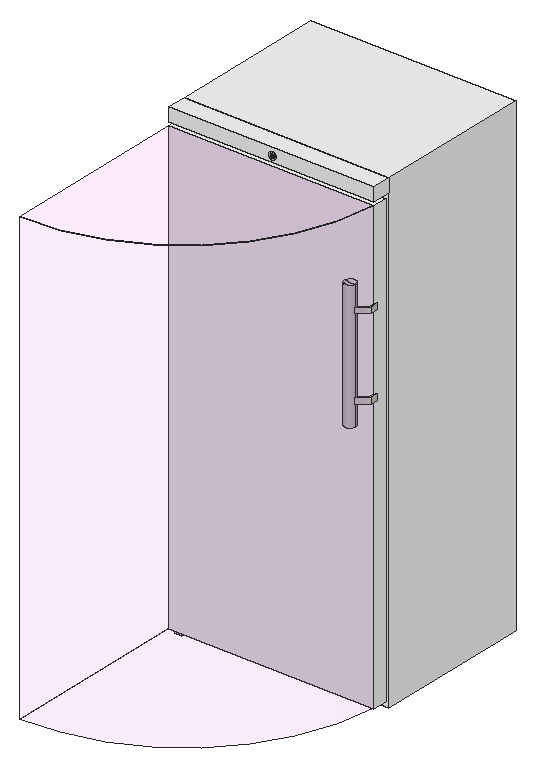
Revit family "QF_Summit_UFM19W_Manual_Defrost_Freezer1", category Specialty Equipment, Revit 2020
Family settings
  Round Connector Dimension = Use Diameter
  Part Type = Normal
  Work Plane-Based = No
  Always vertical = Yes
  Cut with Voids When Loaded = No
  Shared = No
  Room Calculation Point = No
Parameters
  Weight in Pounds = 215
  Watts = Volts * FL Amps  # 310.5 W
  Volts = 115 V
  URL Cutsheet = ""
  Specification by User = ""
  Specification by Manufacturer = ""
  Show RHD [instance] = not(Show LHD)  # no
  Show LHD [instance] = yes
  Show Clearance [instance] = yes
  Serial Number = ""
  Seismic Rating = ""
  SMACNA No = ""
  Revision Code = ""
  Refrigerant Volume = 0.00 kip
  Refrigerant Type = "R290a"
  Phase = 1
  Number of Poles = 1
  NAFEM Spec ID Number = ""
  Model = "UFM19W"
  Min Ckt Ampacity = 0 A
  Max Overcurrent Protection = 0 A
  Masterspec = ""
  Manufacturer = "Summit"
  Length = 30 1/2"
  Item Number = ""
  Installed By = ""
  Identify Quantity as Lot = yes
  Height = 71 3/8"
  HP = ""
  Furnished By = ""
  Foodservice Equipment Identifier = yes
  FL Amps = 2.7 A
  Electrical Remarks = ""
  Electric Connection Type = ""
  Elec Conn RI Height = 0"
  Elec Conn Connection Height = 0"
  Description = "Manual Defrost Freezer"
  Depth = 27"
  Default Elevation = 0"
  Cycle = 60 Hz
  Conn Plug = ""
  Conn Conduit = yes
  CSI MasterFormat = ""
  BTUH = 0.0 Btu/h
  Apparent Power = 0 VA
Reference planes (in)
  plane 1 "BACK": y = 0
  plane 2: z = 0
  plane 3 "LEFT": x = 0
  plane 4 "RIGHT": x = 30.5
  plane 5 "FRONT": y = -27
  plane 6 "TOP": z = 71.375
  plane 7 "Center Y": x = 15.25
  plane 8 "Center X": y = -13.5
Dimensions and locks (in)
  equal spacing: plane 3 "LEFT", plane 7 "Center Y", plane 4 "RIGHT"
  "Length": plane 3 "LEFT" to plane 4 "RIGHT"
  equal spacing: plane 5 "FRONT", plane 8 "Center X", plane 1 "BACK"
  "Depth": plane 5 "FRONT" to plane 1 "BACK"
  "Height": plane 6 "TOP" to level
  aligned and locked: level to plane 2
Nested families (in)
  nested 1: "UFM19W" at (0, 0, 0), Show Clearance <- "Show Clearance", Show LHD <- "Show LHD", type "UFM19W"
    with Show RHD no, Show LHD yes, Show Clearance yes
Connectors (in)
  electrical at (23.95709, -0.59375, 2.74243), driven by "Volts", driven by "Watts"
    settings: on nested 1, index 1, voltage 115 V, apparent load 310.5 VA, apparent load phase1 0 VA, apparent load phase2 0 VA, apparent load phase3 0 VA, power factor 1, load classification "Other", number of poles 1, system type 30, power factor state 1, is connector primary yes, connector utility no, sub classification motor no, connector description "ELECTRICAL CONNECTION"
Definition of nested family "UFM19W"
  Parameters (values of type "UFM19W")
    Weight in Pounds = 0
    URL Cutsheet = ""
    Specification by User = ""
    Specification by Manufacturer = ""
    Show RHD [instance] = not(Show LHD)  # no
    Show LHD [instance] = yes
    Show Clearance [instance] = yes
    Serial Number = ""
    Seismic Rating = ""
    SMACNA No = ""
    Revision Code = ""
    NAFEM Spec ID Number = ""
    Masterspec = ""
    Length = 30 1/2"
    Item Number = ""
    Installed By = ""
    Identify Quantity as Lot = yes
    Height = 71 3/8"
    Furnished By = ""
    Foodservice Equipment Identifier = yes
    Depth = 27"
    Default Elevation = 0"
    CSI MasterFormat = ""
  Reference planes (in)
    plane 1 "BACK": y = 0
    plane 2: z = 0
    plane 3 "LEFT": x = 0
    plane 4 "RIGHT": x = 30.5
    plane 5 "FRONT": y = -27
    plane 6 "TOP": z = 71.375
    plane 7 "Center Y": x = 15.25
    plane 8 "Center X": y = -13.5
    plane 9: y = -29.75
    plane 10: y = -0.625
    plane 11: z = 0.625
    plane 12: z = 1.72493
    plane 13: z = 68.84993
    plane 14: z = 69.375
    plane 15: y = -54.75
    plane 16: z = 2.28034
    plane 17: z = 3.44364
    plane 18: x = 23.95709
  Forms (in)
    Extrusion 1, solid
      sketch origin (-2.47192, -180, 0.625) x (-1, 0, 0) y (0, -1, 0)
        loop
          line (-2.47192, -179.375) -> (-2.47192, -155.875) -> (-32.97192, -155.875) -> (-32.97192, -179.375) -> (-2.47192, -179.375)
      from 0 to 70.75
    Extrusion 2, solid
      sketch origin (-4.18705, -180, 1.72493) x (-1, 0, 0) y (0, -1, 0)
        loop
          line (-4.18705, -155.25) -> (-4.18705, -153) -> (-34.68705, -153) -> (-34.68705, -155.25) -> (-4.18705, -155.25)
      from 0 to 67.125
    Extrusion 3, solid
      sketch origin (-3.39564, -180, 69.375) x (-1, 0, 0) y (0, -1, 0)
        loop
          line (-3.39564, -155.875) -> (-3.39564, -153) -> (-33.89564, -153) -> (-33.89564, -155.875) -> (-3.39564, -155.875)
      from 0 to 2
    Extrusion 4, solid, visible <- "Show RHD"
      sketch origin (-2.70814, -180, 69.375) x (-1, 0, 0) y (0, -1, 0)
        loop
          circle (-32.52112, -154.14731) r 0.25
      from 0 to -0.52507
    Extrusion 5, solid, visible <- "Show RHD"
      sketch origin (-1.62061, -180, 55.70127) x (-1, 0, 0) y (0, -1, 0)
        loop
          line (-1.37061, -153.28039) -> (-1.37061, -152.26208) -> (-3.26747, -150.36522) -> (-3.62102, -150.36522) -> (-1.62061, -152.36564) -> (-1.62061, -153.28039) -> (-1.37061, -153.28039)
      from 0.18106 to -0.65402
    Extrusion 6, solid, visible <- "Show RHD"
      sketch origin (-2.47192, -180, 43.79725) x (-1, 0, 0) y (0, -1, 0)
        loop
          line (-2.22192, -153.28039) -> (-2.22192, -152.26208) -> (-4.11878, -150.36522) -> (-4.47233, -150.36522) -> (-2.47192, -152.36564) -> (-2.47192, -153.28039) -> (-2.22192, -153.28039)
      from 0 to -0.91266
    Revolve 7, solid, visible <- "Show RHD"
      sketch origin (1.14062, -28.95448, 48) x (-1, 0, 0) y (0, 0, 1)
        loop
          line (-0.82813, 10.84993) -> (-1.62366, 10.84993) -> (-1.62366, -8.15007) -> (-0.82813, -8.15007) -> (-0.82813, 10.84993)
        axis (-0.82813, -8.15007) -> (-0.82813, 10.84993)
      angle from 0 to 360
    Extrusion 8, solid, visible <- "Show RHD"
      sketch origin (-2.70814, -180, 1.19986) x (0, 1, 0) y (1, 0, 0)
        loop
          circle (154.14731, 32.52112) r 0.25
      from 0 to -0.52507
    Extrusion 9, solid, visible <- "Show RHD"
      sketch origin (30.5, -24.125, 0.625) x (-1, 0, 0) y (0, 0, -1)
        loop
          line (0.19076, -0.57486) -> (1.27926, -0.57486) -> (1.27926, -0.28006) -> (0.19076, -0.28006) -> (0.19076, -0.57486)
      from 0 to 2.13572
    Extrusion 10, solid
      sketch origin (-1.71981, -180, 2.28034) x (-1, 0, 0) y (0, -1, 0)
        loop
          line (-2.17609, -155.875) -> (-2.17609, -155.25) -> (-31.73658, -155.25) -> (-31.73658, -155.875) -> (-2.17609, -155.875)
      from 0 to 66.00617
    Revolve 11, solid
      sketch origin (0, -20.125, 0) x (1, 0, 0) y (0, 0, 1)
        loop
          line (1.625, 0.625) -> (1.625, 0) -> (2.125, 0) -> (2.125, 0.625) -> (1.625, 0.625)
        axis (1.625, 0) -> (1.625, 0.625)
      angle from 0 to 360
    Revolve 12, solid
      sketch origin (30.5625, -20.125, 0) x (-1, 0, 0) y (0, 0, 1)
        loop
          line (1.625, 0.625) -> (1.625, 0) -> (2.125, 0) -> (2.125, 0.625) -> (1.625, 0.625)
        axis (1.625, 0) -> (1.625, 0.625)
      angle from 0 to 360
    Revolve 13, solid
      sketch origin (0, -4.625, 0) x (1, 0, 0) y (0, 0, 1)
        loop
          line (1.625, 0.625) -> (1.625, 0) -> (2.125, 0) -> (2.125, 0.625) -> (1.625, 0.625)
        axis (1.625, 0) -> (1.625, 0.625)
      angle from 0 to 360
    Revolve 14, solid
      sketch origin (30.5625, -4.625, 0) x (-1, 0, 0) y (0, 0, 1)
        loop
          line (1.625, 0.625) -> (1.625, 0) -> (2.125, 0) -> (2.125, 0.625) -> (1.625, 0.625)
        axis (1.625, 0) -> (1.625, 0.625)
      angle from 0 to 360
    Extrusion 15, solid, visible <- "Show RHD"
      sketch origin (-4.18705, -180, 1.72493) x (0, -1, 0) y (-1, 0, 0)
        loop
          line (-153, -34.68705) -> (-125.25025, -34.68705)
          arc (-125.25025, -34.68705) -> (-133.1901, -14.0372) -> (-153, -4.18705) r 30.5
          line (-153, -4.18705) -> (-153, -34.68705)
      from 0 to -67.125
    Extrusion 16, solid
      sketch origin (-7.62643, -180, 3.44364) x (-1, 0, 0) y (0, -1, 0)
        loop
          line (-8.71066, -179.375) -> (-37.18369, -179.375) -> (-37.18369, -180) -> (-8.71066, -180) -> (-8.71066, -179.375)
      from 0 to 63.7219
    Extrusion 17, solid
      sketch origin (31.86862, -27, 69.375) x (-1, 0, 0) y (0, 0, -1)
        loop
          circle (16.49444, -0.89618) r 0.5
        loop
          circle (16.49444, -0.89618) r 0.25
      from 0 to 0.03125
    Extrusion 18, solid
      sketch origin (31.86862, -27, 69.375) x (-1, 0, 0) y (0, 0, -1)
        loop
          circle (16.49444, -0.89618) r 0.24184
      from 0 to 0.03125
    Extrusion 19, void
      sketch origin (31.86862, -27, 69.375) x (1, 0, 0) y (0, 0, -1)
        loop
          line (-16.52378, -1.05225) -> (-16.46509, -1.05225) -> (-16.46509, -0.74011) -> (-16.52378, -0.74011) -> (-16.52378, -1.05225)
      from 0 to -0.03125
    Extrusion 20, solid
      sketch origin (0, -0.625, 0.625) x (1, 0, 0) y (0, 0, -1)
        loop
          circle (23.95709, -2.11743) r 0.25
      from 0 to 0.03125
    Extrusion 21, solid, visible <- "Show LHD"
      sketch origin (33.20814, -180, 69.375) x (1, 0, 0) y (0, 1, 0)
        loop
          circle (-32.52112, 154.14731) r 0.25
      from 0 to -0.52507
    Extrusion 22, solid, visible <- "Show LHD"
      sketch origin (32.12061, -180, 55.70127) x (1, 0, 0) y (0, 1, 0)
        loop
          line (-1.37061, 153.28039) -> (-1.62061, 153.28039) -> (-1.62061, 152.36564) -> (-3.62102, 150.36522) -> (-3.26747, 150.36522) -> (-1.37061, 152.26208) -> (-1.37061, 153.28039)
      from 0.18106 to -0.65402
    Extrusion 23, solid, visible <- "Show LHD"
      sketch origin (32.97192, -180, 43.79725) x (1, 0, 0) y (0, 1, 0)
        loop
          line (-2.22192, 153.28039) -> (-2.47192, 153.28039) -> (-2.47192, 152.36564) -> (-4.47233, 150.36522) -> (-4.11878, 150.36522) -> (-2.22192, 152.26208) -> (-2.22192, 153.28039)
      from 0 to -0.91266
    Revolve 24, solid, visible <- "Show LHD"
      sketch origin (29.35938, -28.95448, 48) x (1, 0, 0) y (0, 0, -1)
        loop
          line (-0.82813, -10.84993) -> (-0.82813, 8.15007) -> (-1.62366, 8.15007) -> (-1.62366, -10.84993) -> (-0.82813, -10.84993)
        axis (-0.82813, 8.15007) -> (-0.82813, -10.84993)
      angle from 0 to 360
    Extrusion 25, solid, visible <- "Show LHD"
      sketch origin (33.20814, -180, 1.19986) x (0, -1, 0) y (-1, 0, 0)
        loop
          circle (-154.14731, 32.52112) r 0.25
      from 0 to -0.52507
    Extrusion 26, solid, visible <- "Show LHD"
      sketch origin (0, -24.125, 0.625) x (1, 0, 0) y (0, 0, 1)
        loop
          line (0.19076, 0.57486) -> (0.19076, 0.28006) -> (1.27926, 0.28006) -> (1.27926, 0.57486) -> (0.19076, 0.57486)
      from 0 to 2.13572
    Extrusion 27, solid, visible <- "Show LHD"
      sketch origin (34.68705, -180, 1.72493) x (0, 1, 0) y (1, 0, 0)
        loop
          line (153, -34.68705) -> (153, -4.18705)
          arc (153, -4.18705) -> (133.1901, -14.0372) -> (125.25025, -34.68705) r 30.5
          line (125.25025, -34.68705) -> (153, -34.68705)
      from 0 to -67.125
  Cuts and joins
    Extrusion 19 cuts Extrusion 9
    joined: Extrusion 5, Extrusion 6, Revolve 7
    Extrusion 19 cuts Extrusion 17
    Extrusion 19 cuts Extrusion 18
    Extrusion 19 cuts Extrusion 3
    Extrusion 19 cuts Extrusion 1
  Lines and regions (in)
    symbolic lines
      curve 1: line (30.5, -0.625, 0) -> (0, -0.625, 0)
      curve 2: line (0, -0.625, 0) -> (0, -27, 0)
      curve 3: line (30.5, -27, 0) -> (30.5, -0.625, 0)
      curve 11: line (1.08423, 0, 0) -> (1.08423, -0.625, 0)
      curve 12: line (29.55725, 0, 0) -> (1.08423, 0, 0)
      curve 13: line (29.55725, -0.625, 0) -> (29.55725, 0, 0)
      curve 14: line (0, -24.125, 0) -> (30.5, -24.125, 0)
      curve 15: line (0, -27, 0) -> (30.5, -27, 0)
    symbolic lines, visible <- "Show RHD"
      curve 4: line (0, -26.71961, 0) -> (-0.25, -26.71961, 0)
      curve 5: line (0, -27.63436, 0) -> (0, -26.71961, 0)
      curve 6: line (-0.25, -26.71961, 0) -> (-0.25, -27.73792, 0)
      curve 7: line (-0.25, -27.73792, 0) -> (1.21205, -29.19997, 0)
      curve 8: line (1.18482, -28.81918, 0) -> (0, -27.63436, 0)
      curve 9: arc (1.17323, -28.95448, 0) -> (1.96875, -28.15895, 0) -> (2.76427, -28.95448, 0) r 0.79552
      curve 10: arc (2.76427, -28.95448, 0) -> (1.96875, -29.75, 0) -> (1.17323, -28.95448, 0) r 0.79552
      curve 16: line (30.5, -24.75, 0) -> (4.21304, -39.92678, 0)
      curve 17: arc (4.21304, -39.92678, 0) -> (1.37705, -33.70114, 0) -> (0, -27, 0) r 30.5
    symbolic lines, visible <- "Show LHD"
      curve 18: line (30.5, -26.71961, 0) -> (30.75, -26.71961, 0)
      curve 19: line (30.5, -27.63436, 0) -> (30.5, -26.71961, 0)
      curve 20: line (30.75, -26.71961, 0) -> (30.75, -27.73792, 0)
      curve 21: line (30.75, -27.73792, 0) -> (29.28795, -29.19997, 0)
      curve 22: line (29.31518, -28.81918, 0) -> (30.5, -27.63436, 0)
      curve 23: arc (29.32677, -28.95448, 0) -> (28.53125, -28.15895, 0) -> (27.73573, -28.95448, 0) r 0.79552
      curve 24: arc (27.73573, -28.95448, 0) -> (28.53125, -29.75, 0) -> (29.32677, -28.95448, 0) r 0.79552
      curve 25: line (0, -24.75, 0) -> (26.28696, -39.92678, 0)
      curve 26: arc (26.28696, -39.92678, 0) -> (29.12295, -33.70114, 0) -> (30.5, -27, 0) r 30.5
  Dimensions and locks (in)
    equal spacing: plane 3 "LEFT", plane 7 "Center Y", plane 4 "RIGHT"
    "Length": plane 3 "LEFT" to plane 4 "RIGHT"
    equal spacing: plane 5 "FRONT", plane 8 "Center X", plane 1 "BACK"
    "Depth": plane 5 "FRONT" to plane 1 "BACK"
    "Height": plane 6 "TOP" to level
    plane 9 to plane 5 "FRONT" = 2 3/4"
    plane 11 to Extrusion 1 = 0"
    plane 13 to plane 12 = 67 1/8"
    plane 10 to plane 15 = 54 1/8"
    aligned and locked: level to plane 2
  Automatic sketch dimensions
    curve 14 to plane 3 "LEFT" = 0"
    curve 5 to plane 3 "LEFT" = 0"
    curve 11 to plane 10 = 0"
    plane 1 "BACK" to curve 11 = 0"
    curve 16 to plane 4 "RIGHT" = 0"
    plane 5 "FRONT" to curve 26 = 0"
    plane 5 "FRONT" to curve 17 = 0"
    curve 6 to plane 3 "LEFT" = 1/4"
    plane 3 "LEFT" to curve 11 = 1.08423"
    plane 9 to curve 9 = 0.79552"
    plane 3 "LEFT" to curve 9 = 1 31/32"
    plane 3 "LEFT" to curve 16 = 4.21304"
    plane 4 "RIGHT" to curve 13 = 0.94275"
    plane 4 "RIGHT" to curve 17 = 0.12423"
    curve 25 to plane 9 = 10.17678"
    curve 26 to curve 25 = 26.16273"
    plane 9 to curve 23 = 0.79552"
    curve 26 to curve 23 = 2.24429"
    curve 19 to plane 5 "FRONT" = 0.28039"
    curve 23 to curve 19 = 1 31/32"
    curve 18 to curve 20 = 1/4"
    curve 16 to curve 10 = 10.97231"
    plane 5 "FRONT" to curve 7 = 0.73792"
    plane 5 "FRONT" to curve 20 = 0.73792"
    curve 6 to curve 5 = 0.10355"
    curve 20 to curve 22 = 0.10355"
    curve 6 to plane 5 "FRONT" = 0.28039"
    curve 10 to curve 9 = 0.79552"
    plane 9 to curve 8 = 0.93082"
    plane 9 to curve 7 = 0.55003"
    curve 25 to plane 5 "FRONT" = 2 1/4"
    curve 25 to curve 26 = 0.12423"
    curve 24 to curve 23 = 0.79552"
    plane 9 to curve 21 = 0.55003"
    plane 9 to curve 22 = 0.93082"
    curve 16 to curve 17 = 1/2"
    curve 17 to curve 14 = 1/8"
    Extrusion 1 sketch curve to plane 4 "RIGHT" = 0"
    Extrusion 1 sketch curve to plane 3 "LEFT" = 0"
    Extrusion 1 sketch curve to plane 10 = 0"
    Extrusion 1 sketch curve to plane 5 "FRONT" = 2 7/8"
    Extrusion 2 sketch curve to plane 4 "RIGHT" = 0"
    Extrusion 2 sketch curve to plane 3 "LEFT" = 0"
    plane 5 "FRONT" to Extrusion 2 sketch curve = 0"
    Extrusion 2 sketch curve to Extrusion 2 sketch curve = 2 1/4"
    Extrusion 3 sketch curve to plane 4 "RIGHT" = 0"
    Extrusion 3 sketch curve to plane 3 "LEFT" = 0"
    plane 5 "FRONT" to Extrusion 3 sketch curve = 0"
    Extrusion 3 sketch curve to plane 5 "FRONT" = 2 7/8"
    plane 4 "RIGHT" to Extrusion 4 sketch curve = 0.68703"
    Extrusion 4 sketch curve to plane 5 "FRONT" = 1.14731"
    Extrusion 5 sketch curve to plane 3 "LEFT" = 0"
    plane 9 to Extrusion 5 sketch curve = 0.11522"
    plane 3 "LEFT" to Extrusion 5 sketch curve = 1.64686"
    Extrusion 5 sketch curve to Extrusion 5 sketch curve = 0.35355"
    Extrusion 5 sketch curve to plane 3 "LEFT" = 1/4"
    plane 5 "FRONT" to Extrusion 5 sketch curve = 0.73792"
    Extrusion 5 sketch curve to Extrusion 5 sketch curve = 0.10355"
    Extrusion 5 sketch curve to plane 5 "FRONT" = 0.28039"
    Extrusion 6 sketch curve to plane 3 "LEFT" = 0"
    plane 9 to Extrusion 6 sketch curve = 0.11522"
    plane 3 "LEFT" to Extrusion 6 sketch curve = 1.64686"
    Extrusion 6 sketch curve to Extrusion 6 sketch curve = 0.35355"
    Extrusion 6 sketch curve to plane 3 "LEFT" = 1/4"
    plane 5 "FRONT" to Extrusion 6 sketch curve = 0.73792"
    Extrusion 6 sketch curve to Extrusion 6 sketch curve = 0.10355"
    Extrusion 6 sketch curve to plane 5 "FRONT" = 0.28039"
    plane 3 "LEFT" to Revolve 7 sketch curve = 2.76427"
    Revolve 7 sketch curve to Revolve 7 sketch curve = 0.79552"
    Revolve 7 sketch curve to plane 13 = 29"
    Revolve 7 sketch curve to plane 13 = 10"
    Revolve 7 sketch curve to Revolve 7 sketch curve = 0"  (x2)
    Revolve 7 sketch curve to Revolve 7 sketch curve = 3/4"
    Extrusion 8 sketch curve to plane 5 "FRONT" = 1.14731"
    plane 4 "RIGHT" to Extrusion 8 sketch curve = 0.68703"
    Extrusion 9 sketch curve to Extrusion 1 = 0.19076"
    Extrusion 1 to Extrusion 9 sketch curve = 0.28006"
    Extrusion 9 sketch curve to Extrusion 9 sketch curve = 1.0885"
    Extrusion 9 sketch curve to Extrusion 9 sketch curve = 0.2948"
    plane 4 "RIGHT" to Extrusion 10 sketch curve = 0.48323"
    plane 3 "LEFT" to Extrusion 10 sketch curve = 0.45629"
    Extrusion 10 sketch curve to plane 5 "FRONT" = 2 7/8"
    Extrusion 10 sketch curve to Extrusion 10 sketch curve = 5/8"
    Revolve 11 sketch curve to plane 11 = 0"
    Revolve 11 sketch curve to level = 0"  (x2)
    plane 3 "LEFT" to Revolve 11 sketch curve = 1 5/8"
    Revolve 11 sketch curve to Revolve 11 sketch curve = 1/2"
    Revolve 11 sketch curve to Revolve 11 sketch curve = 0"
    Revolve 11 sketch curve to Revolve 11 sketch curve = 5/16"
    Revolve 12 sketch curve to plane 11 = 0"
    Revolve 12 sketch curve to level = 0"  (x2)
    Revolve 12 sketch curve to plane 4 "RIGHT" = 1 9/16"
    Revolve 12 sketch curve to Revolve 12 sketch curve = 1/2"
    Revolve 12 sketch curve to Revolve 12 sketch curve = 0"
    Revolve 12 sketch curve to Revolve 12 sketch curve = 5/16"
    Revolve 13 sketch curve to plane 11 = 0"
    Revolve 13 sketch curve to level = 0"  (x2)
    plane 3 "LEFT" to Revolve 13 sketch curve = 1 5/8"
    Revolve 13 sketch curve to Revolve 13 sketch curve = 1/2"
    Revolve 13 sketch curve to Revolve 13 sketch curve = 0"
    Revolve 13 sketch curve to Revolve 13 sketch curve = 5/16"
    Revolve 14 sketch curve to plane 11 = 0"
    Revolve 14 sketch curve to level = 0"  (x2)
    Revolve 14 sketch curve to plane 4 "RIGHT" = 1 9/16"
    Revolve 14 sketch curve to Revolve 14 sketch curve = 1/2"
    Revolve 14 sketch curve to Revolve 14 sketch curve = 0"
    Revolve 14 sketch curve to Revolve 14 sketch curve = 5/16"
    Extrusion 15 sketch curve to Extrusion 2 = 0"  (x3)
    Extrusion 2 to Extrusion 15 sketch curve = 0.12423"
    Extrusion 15 sketch curve to Extrusion 2 = 1/2"
    Extrusion 16 sketch curve to plane 10 = 0"
    plane 1 "BACK" to Extrusion 16 sketch curve = 0"
    plane 4 "RIGHT" to Extrusion 16 sketch curve = 0.94275"
    plane 3 "LEFT" to Extrusion 16 sketch curve = 1.08423"
    Extrusion 17 sketch curve to Extrusion 17 sketch curve = 0"  (x2)
    Extrusion 3 to Extrusion 17 sketch curve = 0.89618"
    Extrusion 17 sketch curve to Extrusion 3 = 15.12582"
    Extrusion 3 to Extrusion 18 sketch curve = 0.89618"
    Extrusion 18 sketch curve to Extrusion 3 = 15.12582"
    Extrusion 19 sketch curve to Extrusion 3 = 0.74011"
    Extrusion 3 to Extrusion 19 sketch curve = 15.15516"
    Extrusion 19 sketch curve to Extrusion 19 sketch curve = 0.05869"
    Extrusion 19 sketch curve to Extrusion 19 sketch curve = 0.31214"
    Extrusion 1 to Extrusion 20 sketch curve = 2.11743"
    Extrusion 20 sketch curve to Extrusion 1 = 6.54291"
    Extrusion 21 sketch curve to plane 5 "FRONT" = 1.14731"
    plane 4 "RIGHT" to Extrusion 21 sketch curve = 29.81297"
    plane 9 to Extrusion 22 sketch curve = 0.11522"
    plane 4 "RIGHT" to Extrusion 22 sketch curve = 2.00041"
    Extrusion 22 sketch curve to Extrusion 22 sketch curve = 0.35355"
    plane 5 "FRONT" to Extrusion 22 sketch curve = 0.63436"
    Extrusion 22 sketch curve to Extrusion 22 sketch curve = 1.64686"
    Extrusion 22 sketch curve to Extrusion 22 sketch curve = 1/4"
    Extrusion 22 sketch curve to Extrusion 22 sketch curve = 0.10355"
    Extrusion 22 sketch curve to plane 5 "FRONT" = 0.28039"
    plane 9 to Extrusion 23 sketch curve = 0.11522"
    plane 4 "RIGHT" to Extrusion 23 sketch curve = 2.00041"
    Extrusion 23 sketch curve to Extrusion 23 sketch curve = 0.35355"
    plane 5 "FRONT" to Extrusion 23 sketch curve = 0.63436"
    Extrusion 23 sketch curve to Extrusion 23 sketch curve = 1.64686"
    Extrusion 23 sketch curve to Extrusion 23 sketch curve = 1/4"
    Extrusion 23 sketch curve to Extrusion 23 sketch curve = 0.10355"
    Extrusion 23 sketch curve to plane 5 "FRONT" = 0.28039"
    plane 4 "RIGHT" to Revolve 24 sketch curve = 2.76427"
    Revolve 24 sketch curve to Revolve 24 sketch curve = 0.79552"
    Revolve 24 sketch curve to plane 13 = 10"
    Revolve 24 sketch curve to Revolve 24 sketch curve = 19"
    Revolve 24 sketch curve to Revolve 24 sketch curve = 0"  (x2)
    Revolve 24 sketch curve to Revolve 24 sketch curve = 3/4"
    Extrusion 25 sketch curve to plane 5 "FRONT" = 1.14731"
    plane 4 "RIGHT" to Extrusion 25 sketch curve = 29.81297"
    Extrusion 1 to Extrusion 26 sketch curve = 0.28006"
    Extrusion 26 sketch curve to Extrusion 1 = 30.30924"
    Extrusion 26 sketch curve to Extrusion 26 sketch curve = 1.0885"
    Extrusion 26 sketch curve to Extrusion 26 sketch curve = 0.2948"
    Extrusion 2 to Extrusion 27 sketch curve = 0"
    Extrusion 2 to Extrusion 27 sketch curve = 30 1/2"
    Extrusion 27 sketch curve to Extrusion 2 = 27.74975"
    Extrusion 27 sketch curve to Extrusion 2 = 1/2"
    Extrusion 27 sketch curve to Extrusion 27 sketch curve = 0.12423"
    radius of Extrusion 4 sketch curve = 1/4"
    radius of Extrusion 8 sketch curve = 1/4"
    radius of Extrusion 17 sketch curve = 1/2"
    radius of Extrusion 17 sketch curve = 1/4"
    radius of Extrusion 18 sketch curve = 0.24184"
    radius of Extrusion 20 sketch curve = 1/4"
    radius of Extrusion 21 sketch curve = 1/4"
    radius of Extrusion 25 sketch curve = 1/4"
